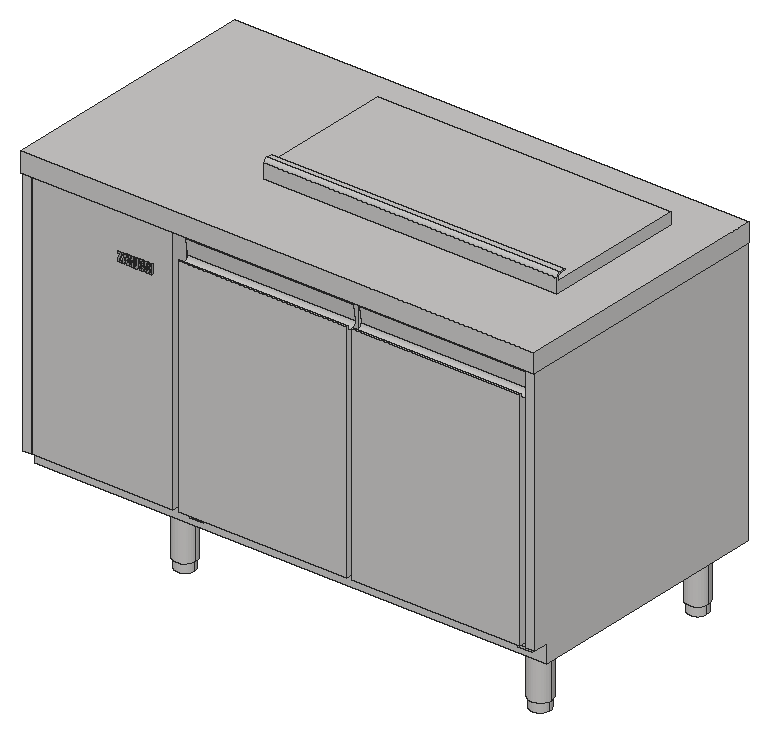
Revit family "QF_ZANUSSI_111035_ZH2SBAA", category Specialty Equipment, Revit 2018 (continued)
Definition of nested family "ZAN_Cooling Unit"
  Lines and regions (mm)
    Split face 130
      outline origin (110.032, 2, -113.091) x (0, 0, 1) y (-1, 0, 0)
        loop
          line (502.647, 158.547) -> (502.647, 116.535)
          arc (502.647, 116.535) -> (506.648, 112.533) -> (510.649, 116.535) r 4.001
          line (510.649, 116.535) -> (510.649, 158.547)
    Split face 131
      outline origin (110.032, 2, -125.094) x (0, 0, 1) y (-1, 0, 0)
        loop
          arc (510.649, 158.547) -> (506.648, 162.548) -> (502.647, 158.547) r 4.001
          line (502.647, 158.547) -> (502.647, 116.535)
          arc (502.647, 116.535) -> (506.648, 112.533) -> (510.649, 116.535) r 4.001
          line (510.649, 116.535) -> (510.649, 158.547)
    Split face 132
      outline origin (110.032, 2, -137.098) x (0, 0, 1) y (-1, 0, 0)
        loop
          arc (510.649, 158.547) -> (506.648, 162.548) -> (502.647, 158.547) r 4.001
          line (502.647, 158.547) -> (502.647, 116.535)
          arc (502.647, 116.535) -> (506.648, 112.533) -> (510.649, 116.535) r 4.001
          line (510.649, 116.535) -> (510.649, 158.547)
    Split face 133
      outline origin (110.032, 2, -149.101) x (0, 0, 1) y (-1, 0, 0)
        loop
          arc (510.649, 158.547) -> (506.648, 162.548) -> (502.647, 158.547) r 4.001
          line (502.647, 158.547) -> (502.647, 116.535)
          arc (502.647, 116.535) -> (506.648, 112.533) -> (510.649, 116.535) r 4.001
          line (510.649, 116.535) -> (510.649, 158.547)
    Split face 134
      outline origin (110.032, 2, -161.105) x (0, 0, 1) y (-1, 0, 0)
        loop
          arc (510.649, 158.547) -> (506.648, 162.548) -> (502.647, 158.547) r 4.001
          line (502.647, 158.547) -> (502.647, 116.535)
          arc (502.647, 116.535) -> (506.648, 112.533) -> (510.649, 116.535) r 4.001
          line (510.649, 116.535) -> (510.649, 158.547)
    Split face 135
      outline origin (110.032, 2, -173.108) x (0, 0, 1) y (-1, 0, 0)
        loop
          arc (510.649, 158.547) -> (506.648, 162.548) -> (502.647, 158.547) r 4.001
          line (502.647, 158.547) -> (502.647, 116.535)
          arc (502.647, 116.535) -> (506.648, 112.533) -> (510.649, 116.535) r 4.001
          line (510.649, 116.535) -> (510.649, 158.547)
    Split face 136
      outline origin (110.032, 2, -185.112) x (0, 0, 1) y (-1, 0, 0)
        loop
          arc (510.649, 158.547) -> (506.648, 162.548) -> (502.647, 158.547) r 4.001
          line (502.647, 158.547) -> (502.647, 116.535)
          arc (502.647, 116.535) -> (506.648, 112.533) -> (510.649, 116.535) r 4.001
          line (510.649, 116.535) -> (510.649, 158.547)
    Split face 137
      outline origin (110.032, 2, -197.115) x (0, 0, 1) y (-1, 0, 0)
        loop
          arc (510.649, 158.547) -> (506.648, 162.548) -> (502.647, 158.547) r 4.001
          line (502.647, 158.547) -> (502.647, 116.535)
          arc (502.647, 116.535) -> (506.648, 112.533) -> (510.649, 116.535) r 4.001
          line (510.649, 116.535) -> (510.649, 158.547)
    Split face 138
      outline origin (110.032, 2, -209.119) x (0, 0, 1) y (-1, 0, 0)
        loop
          arc (510.649, 158.547) -> (506.648, 162.548) -> (502.647, 158.547) r 4.001
          line (502.647, 158.547) -> (502.647, 116.535)
          arc (502.647, 116.535) -> (506.648, 112.533) -> (510.649, 116.535) r 4.001
          line (510.649, 116.535) -> (510.649, 158.547)
    Split face 139
      outline origin (110.032, 2, -221.122) x (0, 0, 1) y (-1, 0, 0)
        loop
          arc (510.649, 158.547) -> (506.648, 162.548) -> (502.647, 158.547) r 4.001
          line (502.647, 158.547) -> (502.647, 116.535)
          arc (502.647, 116.535) -> (506.648, 112.533) -> (510.649, 116.535) r 4.001
          line (510.649, 116.535) -> (510.649, 158.547)
    Split face 140
      outline origin (110.032, 2, -233.126) x (0, 0, 1) y (-1, 0, 0)
        loop
          arc (510.649, 158.547) -> (506.648, 162.548) -> (502.647, 158.547) r 4.001
          line (502.647, 158.547) -> (502.647, 116.535)
          arc (502.647, 116.535) -> (506.648, 112.533) -> (510.649, 116.535) r 4.001
          line (510.649, 116.535) -> (510.649, 158.547)
    Split face 141
      outline origin (110.032, 2, -245.129) x (0, 0, 1) y (-1, 0, 0)
        loop
          arc (510.649, 158.547) -> (506.648, 162.548) -> (502.647, 158.547) r 4.001
          line (502.647, 158.547) -> (502.647, 116.535)
          arc (502.647, 116.535) -> (506.648, 112.533) -> (510.649, 116.535) r 4.001
          line (510.649, 116.535) -> (510.649, 158.547)
    Split face 142
      outline origin (110.032, 2, -257.133) x (0, 0, 1) y (-1, 0, 0)
        loop
          arc (510.649, 158.547) -> (506.648, 162.548) -> (502.647, 158.547) r 4.001
          line (502.647, 158.547) -> (502.647, 116.535)
          arc (502.647, 116.535) -> (506.648, 112.533) -> (510.649, 116.535) r 4.001
          line (510.649, 116.535) -> (510.649, 158.547)
    Split face 143
      outline origin (110.032, 2, -269.136) x (0, 0, 1) y (-1, 0, 0)
        loop
          arc (510.649, 158.547) -> (506.648, 162.548) -> (502.647, 158.547) r 4.001
          line (502.647, 158.547) -> (502.647, 116.535)
          arc (502.647, 116.535) -> (506.648, 112.533) -> (510.649, 116.535) r 4.001
          line (510.649, 116.535) -> (510.649, 158.547)
    Split face 144
      outline origin (110.032, 2, -281.14) x (0, 0, 1) y (-1, 0, 0)
        loop
          arc (510.649, 158.547) -> (506.648, 162.548) -> (502.647, 158.547) r 4.001
          line (502.647, 158.547) -> (502.647, 116.535)
          arc (502.647, 116.535) -> (506.648, 112.533) -> (510.649, 116.535) r 4.001
          line (510.649, 116.535) -> (510.649, 158.547)
    Split face 145
      outline origin (110.032, 2, -293.144) x (0, 0, 1) y (-1, 0, 0)
        loop
          arc (510.649, 158.547) -> (506.648, 162.548) -> (502.647, 158.547) r 4.001
          line (502.647, 158.547) -> (502.647, 116.535)
          arc (502.647, 116.535) -> (506.648, 112.533) -> (510.649, 116.535) r 4.001
          line (510.649, 116.535) -> (510.649, 158.547)
    Split face 146
      outline origin (165.048, 2, -113.091) x (0, 0, 1) y (-1, 0, 0)
        loop
          arc (510.649, 158.547) -> (506.648, 162.548) -> (502.647, 158.547) r 4.001
          line (502.647, 158.547) -> (502.647, 116.535)
          arc (502.647, 116.535) -> (506.648, 112.533) -> (510.649, 116.535) r 4.001
          line (510.649, 116.535) -> (510.649, 158.547)
    Split face 147
      outline origin (165.048, 2, -125.094) x (0, 0, 1) y (-1, 0, 0)
        loop
          arc (510.649, 158.547) -> (506.648, 162.548) -> (502.647, 158.547) r 4.001
          line (502.647, 158.547) -> (502.647, 116.535)
          arc (502.647, 116.535) -> (506.648, 112.533) -> (510.649, 116.535) r 4.001
          line (510.649, 116.535) -> (510.649, 158.547)
    Split face 148
      outline origin (165.048, 2, -137.098) x (0, 0, 1) y (-1, 0, 0)
        loop
          arc (510.649, 158.547) -> (506.648, 162.548) -> (502.647, 158.547) r 4.001
          line (502.647, 158.547) -> (502.647, 116.535)
          arc (502.647, 116.535) -> (506.648, 112.533) -> (510.649, 116.535) r 4.001
          line (510.649, 116.535) -> (510.649, 158.547)
    Split face 149
      outline origin (165.048, 2, -149.101) x (0, 0, 1) y (-1, 0, 0)
        loop
          arc (510.649, 158.547) -> (506.648, 162.548) -> (502.647, 158.547) r 4.001
          line (502.647, 158.547) -> (502.647, 116.535)
          arc (502.647, 116.535) -> (506.648, 112.533) -> (510.649, 116.535) r 4.001
          line (510.649, 116.535) -> (510.649, 158.547)
    Split face 150
      outline origin (165.048, 2, -161.105) x (0, 0, 1) y (-1, 0, 0)
        loop
          arc (510.649, 158.547) -> (506.648, 162.548) -> (502.647, 158.547) r 4.001
          line (502.647, 158.547) -> (502.647, 116.535)
          arc (502.647, 116.535) -> (506.648, 112.533) -> (510.649, 116.535) r 4.001
          line (510.649, 116.535) -> (510.649, 158.547)
    Split face 151
      outline origin (165.048, 2, -173.108) x (0, 0, 1) y (-1, 0, 0)
        loop
          arc (510.649, 158.547) -> (506.648, 162.548) -> (502.647, 158.547) r 4.001
          line (502.647, 158.547) -> (502.647, 116.535)
          arc (502.647, 116.535) -> (506.648, 112.533) -> (510.649, 116.535) r 4.001
          line (510.649, 116.535) -> (510.649, 158.547)
    Split face 152
      outline origin (165.048, 2, -185.112) x (0, 0, 1) y (-1, 0, 0)
        loop
          arc (510.649, 158.547) -> (506.648, 162.548) -> (502.647, 158.547) r 4.001
          line (502.647, 158.547) -> (502.647, 116.535)
          arc (502.647, 116.535) -> (506.648, 112.533) -> (510.649, 116.535) r 4.001
          line (510.649, 116.535) -> (510.649, 158.547)
    Split face 153
      outline origin (165.048, 2, -197.115) x (0, 0, 1) y (-1, 0, 0)
        loop
          arc (510.649, 158.547) -> (506.648, 162.548) -> (502.647, 158.547) r 4.001
          line (502.647, 158.547) -> (502.647, 116.535)
          arc (502.647, 116.535) -> (506.648, 112.533) -> (510.649, 116.535) r 4.001
          line (510.649, 116.535) -> (510.649, 158.547)
    Split face 154
      outline origin (165.048, 2, -209.119) x (0, 0, 1) y (-1, 0, 0)
        loop
          arc (510.649, 158.547) -> (506.648, 162.548) -> (502.647, 158.547) r 4.001
          line (502.647, 158.547) -> (502.647, 116.535)
          arc (502.647, 116.535) -> (506.648, 112.533) -> (510.649, 116.535) r 4.001
          line (510.649, 116.535) -> (510.649, 158.547)
    Split face 155
      outline origin (165.048, 2, -221.122) x (0, 0, 1) y (-1, 0, 0)
        loop
          arc (510.649, 158.547) -> (506.648, 162.548) -> (502.647, 158.547) r 4.001
          line (502.647, 158.547) -> (502.647, 116.535)
          arc (502.647, 116.535) -> (506.648, 112.533) -> (510.649, 116.535) r 4.001
          line (510.649, 116.535) -> (510.649, 158.547)
    Split face 156
      outline origin (165.048, 2, -233.126) x (0, 0, 1) y (-1, 0, 0)
        loop
          arc (510.649, 158.547) -> (506.648, 162.548) -> (502.647, 158.547) r 4.001
          line (502.647, 158.547) -> (502.647, 116.535)
          arc (502.647, 116.535) -> (506.648, 112.533) -> (510.649, 116.535) r 4.001
          line (510.649, 116.535) -> (510.649, 158.547)
    Split face 157
      outline origin (165.048, 2, -245.129) x (0, 0, 1) y (-1, 0, 0)
        loop
          arc (510.649, 158.547) -> (506.648, 162.548) -> (502.647, 158.547) r 4.001
          line (502.647, 158.547) -> (502.647, 116.535)
          arc (502.647, 116.535) -> (506.648, 112.533) -> (510.649, 116.535) r 4.001
          line (510.649, 116.535) -> (510.649, 158.547)
    Split face 158
      outline origin (165.048, 2, -257.133) x (0, 0, 1) y (-1, 0, 0)
        loop
          arc (510.649, 158.547) -> (506.648, 162.548) -> (502.647, 158.547) r 4.001
          line (502.647, 158.547) -> (502.647, 116.535)
          arc (502.647, 116.535) -> (506.648, 112.533) -> (510.649, 116.535) r 4.001
          line (510.649, 116.535) -> (510.649, 158.547)
    Split face 159
      outline origin (165.048, 2, -269.136) x (0, 0, 1) y (-1, 0, 0)
        loop
          arc (510.649, 158.547) -> (506.648, 162.548) -> (502.647, 158.547) r 4.001
          line (502.647, 158.547) -> (502.647, 116.535)
          arc (502.647, 116.535) -> (506.648, 112.533) -> (510.649, 116.535) r 4.001
          line (510.649, 116.535) -> (510.649, 158.547)
    Split face 160
      outline origin (165.048, 2, -281.14) x (0, 0, 1) y (-1, 0, 0)
        loop
          arc (510.649, 158.547) -> (506.648, 162.548) -> (502.647, 158.547) r 4.001
          line (502.647, 158.547) -> (502.647, 116.535)
          arc (502.647, 116.535) -> (506.648, 112.533) -> (510.649, 116.535) r 4.001
          line (510.649, 116.535) -> (510.649, 158.547)
    Split face 161
      outline origin (165.048, 2, -293.144) x (0, 0, 1) y (-1, 0, 0)
        loop
          arc (510.649, 158.547) -> (506.648, 162.548) -> (502.647, 158.547) r 4.001
          line (502.647, 158.547) -> (502.647, 116.535)
          arc (502.647, 116.535) -> (506.648, 112.533) -> (510.649, 116.535) r 4.001
          line (510.649, 116.535) -> (510.649, 158.547)
    Split face 162
      outline origin (220.064, 2, -113.091) x (0, 0, 1) y (-1, 0, 0)
        loop
          arc (510.649, 158.547) -> (506.648, 162.548) -> (502.647, 158.547) r 4.001
          line (502.647, 158.547) -> (502.647, 116.535)
          arc (502.647, 116.535) -> (506.648, 112.533) -> (510.649, 116.535) r 4.001
          line (510.649, 116.535) -> (510.649, 158.547)
    Split face 163
      outline origin (220.064, 2, -125.094) x (0, 0, 1) y (-1, 0, 0)
        loop
          arc (510.649, 158.547) -> (506.648, 162.548) -> (502.647, 158.547) r 4.001
          line (502.647, 158.547) -> (502.647, 116.535)
          arc (502.647, 116.535) -> (506.648, 112.533) -> (510.649, 116.535) r 4.001
          line (510.649, 116.535) -> (510.649, 158.547)
    Split face 164
      outline origin (220.064, 2, -137.098) x (0, 0, 1) y (-1, 0, 0)
        loop
          arc (510.649, 158.547) -> (506.648, 162.548) -> (502.647, 158.547) r 4.001
          line (502.647, 158.547) -> (502.647, 116.535)
          arc (502.647, 116.535) -> (506.648, 112.533) -> (510.649, 116.535) r 4.001
          line (510.649, 116.535) -> (510.649, 158.547)
    Split face 165
      outline origin (220.064, 2, -149.101) x (0, 0, 1) y (-1, 0, 0)
        loop
          arc (510.649, 158.547) -> (506.648, 162.548) -> (502.647, 158.547) r 4.001
          line (502.647, 158.547) -> (502.647, 116.535)
          arc (502.647, 116.535) -> (506.648, 112.533) -> (510.649, 116.535) r 4.001
          line (510.649, 116.535) -> (510.649, 158.547)
    Split face 166
      outline origin (220.064, 2, -161.105) x (0, 0, 1) y (-1, 0, 0)
        loop
          arc (510.649, 158.547) -> (506.648, 162.548) -> (502.647, 158.547) r 4.001
          line (502.647, 158.547) -> (502.647, 116.535)
          arc (502.647, 116.535) -> (506.648, 112.533) -> (510.649, 116.535) r 4.001
          line (510.649, 116.535) -> (510.649, 158.547)
    Split face 167
      outline origin (220.064, 2, -173.108) x (0, 0, 1) y (-1, 0, 0)
        loop
          arc (510.649, 158.547) -> (506.648, 162.548) -> (502.647, 158.547) r 4.001
          line (502.647, 158.547) -> (502.647, 116.535)
          arc (502.647, 116.535) -> (506.648, 112.533) -> (510.649, 116.535) r 4.001
          line (510.649, 116.535) -> (510.649, 158.547)
    Split face 168
      outline origin (220.064, 2, -185.112) x (0, 0, 1) y (-1, 0, 0)
        loop
          arc (510.649, 158.547) -> (506.648, 162.548) -> (502.647, 158.547) r 4.001
          line (502.647, 158.547) -> (502.647, 116.535)
          arc (502.647, 116.535) -> (506.648, 112.533) -> (510.649, 116.535) r 4.001
          line (510.649, 116.535) -> (510.649, 158.547)
    Split face 169
      outline origin (220.064, 2, -197.115) x (0, 0, 1) y (-1, 0, 0)
        loop
          arc (510.649, 158.547) -> (506.648, 162.548) -> (502.647, 158.547) r 4.001
          line (502.647, 158.547) -> (502.647, 116.535)
          arc (502.647, 116.535) -> (506.648, 112.533) -> (510.649, 116.535) r 4.001
          line (510.649, 116.535) -> (510.649, 158.547)
    Split face 170
      outline origin (220.064, 2, -209.119) x (0, 0, 1) y (-1, 0, 0)
        loop
          arc (510.649, 158.547) -> (506.648, 162.548) -> (502.647, 158.547) r 4.001
          line (502.647, 158.547) -> (502.647, 116.535)
          arc (502.647, 116.535) -> (506.648, 112.533) -> (510.649, 116.535) r 4.001
          line (510.649, 116.535) -> (510.649, 158.547)
    Split face 171
      outline origin (220.064, 2, -221.122) x (0, 0, 1) y (-1, 0, 0)
        loop
          arc (510.649, 158.547) -> (506.648, 162.548) -> (502.647, 158.547) r 4.001
          line (502.647, 158.547) -> (502.647, 116.535)
          arc (502.647, 116.535) -> (506.648, 112.533) -> (510.649, 116.535) r 4.001
          line (510.649, 116.535) -> (510.649, 158.547)
    Split face 172
      outline origin (220.064, 2, -233.126) x (0, 0, 1) y (-1, 0, 0)
        loop
          arc (510.649, 158.547) -> (506.648, 162.548) -> (502.647, 158.547) r 4.001
          line (502.647, 158.547) -> (502.647, 116.535)
          arc (502.647, 116.535) -> (506.648, 112.533) -> (510.649, 116.535) r 4.001
          line (510.649, 116.535) -> (510.649, 158.547)
    Split face 173
      outline origin (220.064, 2, -245.129) x (0, 0, 1) y (-1, 0, 0)
        loop
          arc (510.649, 158.547) -> (506.648, 162.548) -> (502.647, 158.547) r 4.001
          line (502.647, 158.547) -> (502.647, 116.535)
          arc (502.647, 116.535) -> (506.648, 112.533) -> (510.649, 116.535) r 4.001
          line (510.649, 116.535) -> (510.649, 158.547)
    Split face 174
      outline origin (220.064, 2, -257.133) x (0, 0, 1) y (-1, 0, 0)
        loop
          arc (510.649, 158.547) -> (506.648, 162.548) -> (502.647, 158.547) r 4.001
          line (502.647, 158.547) -> (502.647, 116.535)
          arc (502.647, 116.535) -> (506.648, 112.533) -> (510.649, 116.535) r 4.001
          line (510.649, 116.535) -> (510.649, 158.547)
    Split face 175
      outline origin (220.064, 2, -269.136) x (0, 0, 1) y (-1, 0, 0)
        loop
          arc (510.649, 158.547) -> (506.648, 162.548) -> (502.647, 158.547) r 4.001
          line (502.647, 158.547) -> (502.647, 116.535)
          arc (502.647, 116.535) -> (506.648, 112.533) -> (510.649, 116.535) r 4.001
          line (510.649, 116.535) -> (510.649, 158.547)
    Split face 176
      outline origin (220.064, 2, -281.14) x (0, 0, 1) y (-1, 0, 0)
        loop
          arc (510.649, 158.547) -> (506.648, 162.548) -> (502.647, 158.547) r 4.001
          line (502.647, 158.547) -> (502.647, 116.535)
          arc (502.647, 116.535) -> (506.648, 112.533) -> (510.649, 116.535) r 4.001
          line (510.649, 116.535) -> (510.649, 158.547)
    Split face 177
      outline origin (220.064, 2, -293.144) x (0, 0, 1) y (-1, 0, 0)
        loop
          arc (510.649, 158.547) -> (506.648, 162.548) -> (502.647, 158.547) r 4.001
          line (502.647, 158.547) -> (502.647, 116.535)
          arc (502.647, 116.535) -> (506.648, 112.533) -> (510.649, 116.535) r 4.001
          line (510.649, 116.535) -> (510.649, 158.547)
    Split face 178
      outline origin (275.081, 2, -113.091) x (0, 0, 1) y (-1, 0, 0)
        loop
          arc (510.649, 158.547) -> (506.648, 162.548) -> (502.647, 158.547) r 4.001
          line (502.647, 158.547) -> (502.647, 116.535)
          arc (502.647, 116.535) -> (506.648, 112.533) -> (510.649, 116.535) r 4.001
          line (510.649, 116.535) -> (510.649, 158.547)
    Split face 179
      outline origin (275.081, 2, -125.094) x (0, 0, 1) y (-1, 0, 0)
        loop
          arc (510.649, 158.547) -> (506.648, 162.548) -> (502.647, 158.547) r 4.001
          line (502.647, 158.547) -> (502.647, 116.535)
          arc (502.647, 116.535) -> (506.648, 112.533) -> (510.649, 116.535) r 4.001
          line (510.649, 116.535) -> (510.649, 158.547)
    Split face 180
      outline origin (275.081, 2, -137.098) x (0, 0, 1) y (-1, 0, 0)
        loop
          arc (510.649, 158.547) -> (506.648, 162.548) -> (502.647, 158.547) r 4.001
          line (502.647, 158.547) -> (502.647, 116.535)
          arc (502.647, 116.535) -> (506.648, 112.533) -> (510.649, 116.535) r 4.001
          line (510.649, 116.535) -> (510.649, 158.547)
    Split face 181
      outline origin (275.081, 2, -149.101) x (0, 0, 1) y (-1, 0, 0)
        loop
          arc (510.649, 158.547) -> (506.648, 162.548) -> (502.647, 158.547) r 4.001
          line (502.647, 158.547) -> (502.647, 116.535)
          arc (502.647, 116.535) -> (506.648, 112.533) -> (510.649, 116.535) r 4.001
          line (510.649, 116.535) -> (510.649, 158.547)
    Split face 182
      outline origin (275.081, 2, -161.105) x (0, 0, 1) y (-1, 0, 0)
        loop
          arc (510.649, 158.547) -> (506.648, 162.548) -> (502.647, 158.547) r 4.001
          line (502.647, 158.547) -> (502.647, 116.535)
          arc (502.647, 116.535) -> (506.648, 112.533) -> (510.649, 116.535) r 4.001
          line (510.649, 116.535) -> (510.649, 158.547)
    Split face 183
      outline origin (275.081, 2, -173.108) x (0, 0, 1) y (-1, 0, 0)
        loop
          arc (510.649, 158.547) -> (506.648, 162.548) -> (502.647, 158.547) r 4.001
          line (502.647, 158.547) -> (502.647, 116.535)
          arc (502.647, 116.535) -> (506.648, 112.533) -> (510.649, 116.535) r 4.001
          line (510.649, 116.535) -> (510.649, 158.547)
    Split face 184
      outline origin (275.081, 2, -185.112) x (0, 0, 1) y (-1, 0, 0)
        loop
          arc (510.649, 158.547) -> (506.648, 162.548) -> (502.647, 158.547) r 4.001
          line (502.647, 158.547) -> (502.647, 116.535)
          arc (502.647, 116.535) -> (506.648, 112.533) -> (510.649, 116.535) r 4.001
          line (510.649, 116.535) -> (510.649, 158.547)
    Split face 185
      outline origin (275.081, 2, -197.115) x (0, 0, 1) y (-1, 0, 0)
        loop
          arc (510.649, 158.547) -> (506.648, 162.548) -> (502.647, 158.547) r 4.001
          line (502.647, 158.547) -> (502.647, 116.535)
          arc (502.647, 116.535) -> (506.648, 112.533) -> (510.649, 116.535) r 4.001
          line (510.649, 116.535) -> (510.649, 158.547)
    Split face 186
      outline origin (275.081, 2, -209.119) x (0, 0, 1) y (-1, 0, 0)
        loop
          arc (510.649, 158.547) -> (506.648, 162.548) -> (502.647, 158.547) r 4.001
          line (502.647, 158.547) -> (502.647, 116.535)
          arc (502.647, 116.535) -> (506.648, 112.533) -> (510.649, 116.535) r 4.001
          line (510.649, 116.535) -> (510.649, 158.547)
    Split face 187
      outline origin (275.081, 2, -221.122) x (0, 0, 1) y (-1, 0, 0)
        loop
          arc (510.649, 158.547) -> (506.648, 162.548) -> (502.647, 158.547) r 4.001
          line (502.647, 158.547) -> (502.647, 116.535)
          arc (502.647, 116.535) -> (506.648, 112.533) -> (510.649, 116.535) r 4.001
          line (510.649, 116.535) -> (510.649, 158.547)
    Split face 188
      outline origin (275.081, 2, -233.126) x (0, 0, 1) y (-1, 0, 0)
        loop
          arc (510.649, 158.547) -> (506.648, 162.548) -> (502.647, 158.547) r 4.001
          line (502.647, 158.547) -> (502.647, 116.535)
          arc (502.647, 116.535) -> (506.648, 112.533) -> (510.649, 116.535) r 4.001
          line (510.649, 116.535) -> (510.649, 158.547)
    Split face 189
      outline origin (275.081, 2, -245.129) x (0, 0, 1) y (-1, 0, 0)
        loop
          arc (510.649, 158.547) -> (506.648, 162.548) -> (502.647, 158.547) r 4.001
          line (502.647, 158.547) -> (502.647, 116.535)
          arc (502.647, 116.535) -> (506.648, 112.533) -> (510.649, 116.535) r 4.001
          line (510.649, 116.535) -> (510.649, 158.547)
    Split face 190
      outline origin (275.081, 2, -257.133) x (0, 0, 1) y (-1, 0, 0)
        loop
          arc (510.649, 158.547) -> (506.648, 162.548) -> (502.647, 158.547) r 4.001
          line (502.647, 158.547) -> (502.647, 116.535)
          arc (502.647, 116.535) -> (506.648, 112.533) -> (510.649, 116.535) r 4.001
          line (510.649, 116.535) -> (510.649, 158.547)
    Split face 191
      outline origin (275.081, 2, -269.136) x (0, 0, 1) y (-1, 0, 0)
        loop
          arc (510.649, 158.547) -> (506.648, 162.548) -> (502.647, 158.547) r 4.001
          line (502.647, 158.547) -> (502.647, 116.535)
          arc (502.647, 116.535) -> (506.648, 112.533) -> (510.649, 116.535) r 4.001
          line (510.649, 116.535) -> (510.649, 158.547)
    Split face 192
      outline origin (275.081, 2, -281.14) x (0, 0, 1) y (-1, 0, 0)
        loop
          arc (510.649, 158.547) -> (506.648, 162.548) -> (502.647, 158.547) r 4.001
          line (502.647, 158.547) -> (502.647, 116.535)
          arc (502.647, 116.535) -> (506.648, 112.533) -> (510.649, 116.535) r 4.001
          line (510.649, 116.535) -> (510.649, 158.547)
    Split face 193
      outline origin (275.081, 2, -293.144) x (0, 0, 1) y (-1, 0, 0)
        loop
          arc (510.649, 158.547) -> (506.648, 162.548) -> (502.647, 158.547) r 4.001
          line (502.647, 158.547) -> (502.647, 116.535)
          arc (502.647, 116.535) -> (506.648, 112.533) -> (510.649, 116.535) r 4.001
          line (510.649, 116.535) -> (510.649, 158.547)
    Split face 194
      outline origin (0, 2, 197) x (0, 0, 1) y (-1, 0, 0)
        loop
          spline (566.835, 20.381) -> (564.628, 19.058) -> (561.987, 18.027) -> (558.955, 17.386) -> (555.581, 17.244) -> (551.912, 17.703) -> (547.993, 18.863) -> (543.871, 20.83) -> (539.591, 23.706) -> (535.202, 27.594) -> (530.748, 32.597) -> (526.28, 38.824) -> (521.835, 46.362)
        loop
          spline (521.835, 58.392) -> (525.386, 49.242) -> (529.197, 41.481) -> (533.2, 35.023) -> (537.329, 29.786) -> (541.516, 25.684) -> (545.695, 22.634) -> (549.798, 20.552) -> (553.759, 19.355) -> (557.511, 18.958) -> (560.984, 19.275) -> (564.115, 20.227) -> (566.835, 21.726)
    Split face 195
      outline origin (0, 2, 197) x (0, 0, 1) y (-1, 0, 0)
        loop
          line (555.835, 149.5) -> (532.835, 149.5) -> (532.835, 94.5) -> (555.835, 94.5) -> (555.835, 149.5)
  Dimensions and locks
    aligned and locked: level to plane 2
  Nested families
    nested 1: "ZAN_Logo_S_Grey" at (85, 2, 741.213) x (1, 0, 0) z (0, -1, 0), visible <- "Show Logo", type "ZAN_Logo_S_Grey"
  Definition of nested family "ZAN_Logo_S_Grey"
    Parameters
      Default Elevation = 0 mm
    Reference planes
      plane 1 "Centro (Fronte/Retro)": y = 0
      plane 2: z = 0
      plane 3 "Centro (Sinistra/Destra)": x = 0
    Forms (mm)
      Extrusion 1, solid
        sketch origin (0, 0, 0) x (1, 0, 0) y (0, 1, 0)
          loop
            line (-1219.2, 1219.2) -> (-1219.2, -1219.2) -> (1219.2, -1219.2) -> (1219.2, 1219.2) -> (-1219.2, 1219.2)
        from 0 to -304.8
      Extrusion 2, solid
        sketch origin (17.793, -46.218, 0) x (-1, 0, 0) y (0, -1, 0)
          loop
            spline (-4.176, -58.079) -> (-3.496, -58.328) -> (-2.793, -58.512) -> (-2.075, -58.63) -> (-1.348, -58.682) -> (-0.619, -58.669) -> (0.106, -58.588) -> (0.818, -58.44) -> (1.512, -58.225) -> (2.18, -57.941) -> (2.817, -57.589) -> (3.414, -57.167) -> (3.966, -56.676)
            spline (3.966, -56.676) -> (4.293, -56.162) -> (4.575, -55.61) -> (4.81, -55.026) -> (5, -54.419) -> (5.146, -53.797) -> (5.247, -53.166) -> (5.304, -52.536) -> (5.318, -51.913) -> (5.288, -51.306) -> (5.217, -50.723) -> (5.103, -50.17) -> (4.949, -49.657)
            line (4.949, -49.657) -> (2.702, -46.428) -> (0.316, -44.323)
            spline (0.316, -44.323) -> (0.065, -44.115) -> (-0.195, -43.909) -> (-0.46, -43.704) -> (-0.729, -43.496) -> (-0.997, -43.282) -> (-1.263, -43.059) -> (-1.523, -42.825) -> (-1.774, -42.576) -> (-2.013, -42.309) -> (-2.238, -42.022) -> (-2.445, -41.712) -> (-2.632, -41.375)
            spline (-2.632, -41.375) -> (-2.666, -41.159) -> (-2.697, -40.934) -> (-2.722, -40.701) -> (-2.736, -40.465) -> (-2.736, -40.227) -> (-2.72, -39.989) -> (-2.682, -39.754) -> (-2.621, -39.524) -> (-2.533, -39.302) -> (-2.414, -39.091) -> (-2.261, -38.892) -> (-2.07, -38.708)
            line (-2.07, -38.708) -> (-0.245, -38.567)
            spline (-0.245, -38.567) -> (0.096, -38.8) -> (0.354, -39.074) -> (0.54, -39.381) -> (0.664, -39.716) -> (0.738, -40.073) -> (0.772, -40.445) -> (0.777, -40.825) -> (0.763, -41.208) -> (0.742, -41.588) -> (0.723, -41.957) -> (0.718, -42.309) -> (0.737, -42.638)
            line (0.737, -42.638) -> (5.65, -42.638)
            spline (5.65, -42.638) -> (5.708, -42.042) -> (5.741, -41.448) -> (5.747, -40.857) -> (5.723, -40.273) -> (5.668, -39.696) -> (5.58, -39.129) -> (5.457, -38.574) -> (5.297, -38.032) -> (5.098, -37.506) -> (4.857, -36.997) -> (4.574, -36.508) -> (4.247, -36.041)
            spline (4.247, -36.041) -> (3.844, -35.675) -> (3.409, -35.35) -> (2.946, -35.065) -> (2.458, -34.819) -> (1.949, -34.612) -> (1.421, -34.444) -> (0.88, -34.314) -> (0.326, -34.221) -> (-0.234, -34.165) -> (-0.8, -34.146) -> (-1.366, -34.163) -> (-1.93, -34.216)
            spline (-1.93, -34.216) -> (-2.526, -34.309) -> (-3.116, -34.448) -> (-3.695, -34.633) -> (-4.259, -34.861) -> (-4.801, -35.131) -> (-5.316, -35.444) -> (-5.799, -35.798) -> (-6.245, -36.191) -> (-6.648, -36.624) -> (-7.002, -37.095) -> (-7.303, -37.603) -> (-7.545, -38.146)
            spline (-7.545, -38.146) -> (-7.694, -38.815) -> (-7.792, -39.487) -> (-7.839, -40.158) -> (-7.836, -40.824) -> (-7.785, -41.482) -> (-7.685, -42.129) -> (-7.539, -42.762) -> (-7.347, -43.377) -> (-7.111, -43.97) -> (-6.83, -44.538) -> (-6.506, -45.078) -> (-6.141, -45.586)
            line (-6.141, -45.586) -> (-0.526, -50.64) -> (0.176, -51.482)
            spline (0.176, -51.482) -> (0.248, -51.66) -> (0.323, -51.843) -> (0.397, -52.03) -> (0.467, -52.22) -> (0.529, -52.412) -> (0.579, -52.605) -> (0.615, -52.798) -> (0.633, -52.989) -> (0.63, -53.179) -> (0.601, -53.366) -> (0.545, -53.55) -> (0.456, -53.728)
            spline (0.456, -53.728) -> (0.375, -53.892) -> (0.273, -54.034) -> (0.154, -54.155) -> (0.02, -54.258) -> (-0.126, -54.343) -> (-0.28, -54.412) -> (-0.441, -54.466) -> (-0.604, -54.508) -> (-0.767, -54.537) -> (-0.928, -54.556) -> (-1.082, -54.567) -> (-1.228, -54.57)
            line (-1.228, -54.57) -> (-2.632, -53.587) -> (-2.772, -50.64) -> (-7.405, -50.64)
            spline (-7.405, -50.64) -> (-7.41, -51.031) -> (-7.423, -51.432) -> (-7.44, -51.839) -> (-7.456, -52.251) -> (-7.469, -52.665) -> (-7.475, -53.079) -> (-7.468, -53.489) -> (-7.446, -53.894) -> (-7.404, -54.291) -> (-7.339, -54.679) -> (-7.247, -55.053) -> (-7.123, -55.412)
            spline (-7.123, -55.412) -> (-6.999, -55.693) -> (-6.837, -55.97) -> (-6.643, -56.244) -> (-6.422, -56.509) -> (-6.177, -56.765) -> (-5.913, -57.009) -> (-5.634, -57.238) -> (-5.346, -57.45) -> (-5.051, -57.643) -> (-4.755, -57.814) -> (-4.462, -57.96) -> (-4.176, -58.079)
          loop
            spline (-21.021, -55.552) -> (-20.633, -56.181) -> (-20.177, -56.736) -> (-19.661, -57.217) -> (-19.092, -57.627) -> (-18.478, -57.966) -> (-17.827, -58.237) -> (-17.147, -58.441) -> (-16.446, -58.578) -> (-15.73, -58.652) -> (-15.009, -58.662) -> (-14.29, -58.611) -> (-13.581, -58.5)
            spline (-13.581, -58.5) -> (-13.088, -58.407) -> (-12.595, -58.269) -> (-12.109, -58.088) -> (-11.636, -57.866) -> (-11.183, -57.605) -> (-10.756, -57.307) -> (-10.361, -56.974) -> (-10.004, -56.608) -> (-9.692, -56.211) -> (-9.431, -55.784) -> (-9.228, -55.33) -> (-9.089, -54.851)
            spline (-9.089, -54.851) -> (-8.873, -54.211) -> (-8.715, -53.559) -> (-8.615, -52.901) -> (-8.574, -52.241) -> (-8.592, -51.585) -> (-8.668, -50.938) -> (-8.802, -50.306) -> (-8.995, -49.693) -> (-9.247, -49.106) -> (-9.557, -48.55) -> (-9.925, -48.03) -> (-10.352, -47.551)
            line (-10.352, -47.551) -> (-15.546, -42.919) -> (-16.669, -41.234)
            spline (-16.669, -41.234) -> (-16.704, -41.021) -> (-16.735, -40.804) -> (-16.761, -40.583) -> (-16.778, -40.361) -> (-16.784, -40.139) -> (-16.774, -39.919) -> (-16.748, -39.701) -> (-16.7, -39.488) -> (-16.63, -39.28) -> (-16.533, -39.08) -> (-16.406, -38.889) -> (-16.248, -38.708)
            line (-16.248, -38.708) -> (-14.844, -38.427)
            spline (-14.844, -38.427) -> (-14.347, -38.545) -> (-13.969, -38.749) -> (-13.695, -39.028) -> (-13.508, -39.368) -> (-13.393, -39.757) -> (-13.335, -40.182) -> (-13.318, -40.63) -> (-13.326, -41.089) -> (-13.344, -41.546) -> (-13.356, -41.988) -> (-13.347, -42.403) -> (-13.3, -42.779)
            line (-13.3, -42.779) -> (-8.387, -42.638)
            spline (-8.387, -42.638) -> (-8.326, -42.034) -> (-8.288, -41.417) -> (-8.277, -40.794) -> (-8.299, -40.169) -> (-8.357, -39.548) -> (-8.457, -38.936) -> (-8.604, -38.339) -> (-8.803, -37.762) -> (-9.058, -37.21) -> (-9.375, -36.689) -> (-9.758, -36.204) -> (-10.212, -35.76)
            spline (-10.212, -35.76) -> (-10.793, -35.336) -> (-11.409, -34.976) -> (-12.054, -34.679) -> (-12.723, -34.445) -> (-13.409, -34.273) -> (-14.107, -34.163) -> (-14.811, -34.115) -> (-15.515, -34.127) -> (-16.213, -34.2) -> (-16.899, -34.333) -> (-17.568, -34.526) -> (-18.213, -34.777)
            spline (-18.213, -34.777) -> (-18.496, -34.897) -> (-18.783, -35.044) -> (-19.071, -35.216) -> (-19.357, -35.412) -> (-19.639, -35.629) -> (-19.915, -35.865) -> (-20.182, -36.119) -> (-20.438, -36.389) -> (-20.681, -36.672) -> (-20.907, -36.967) -> (-21.115, -37.272) -> (-21.301, -37.585)
            spline (-21.301, -37.585) -> (-21.55, -38.26) -> (-21.734, -38.948) -> (-21.854, -39.647) -> (-21.91, -40.351) -> (-21.901, -41.057) -> (-21.828, -41.761) -> (-21.69, -42.459) -> (-21.489, -43.148) -> (-21.222, -43.823) -> (-20.892, -44.48) -> (-20.497, -45.116) -> (-20.038, -45.726)
            line (-20.038, -45.726) -> (-14.142, -51.061) -> (-13.44, -52.886) -> (-14.002, -54.289) -> (-15.265, -54.57) -> (-16.669, -53.587) -> (-16.81, -50.78) -> (-21.582, -50.64)
            spline (-21.582, -50.64) -> (-21.558, -51.063) -> (-21.55, -51.491) -> (-21.554, -51.92) -> (-21.561, -52.35) -> (-21.567, -52.778) -> (-21.565, -53.201) -> (-21.547, -53.619) -> (-21.509, -54.029) -> (-21.444, -54.43) -> (-21.345, -54.818) -> (-21.206, -55.193) -> (-21.021, -55.552)
          loop
            line (-22.424, -34.216) -> (-27.337, -34.216) -> (-27.337, -58.22) -> (-22.424, -58.22) -> (-22.424, -34.216)
          loop
            line (14.213, -39.971) -> (14.213, -58.22) -> (19.126, -58.22) -> (19.126, -42.077) -> (18.845, -38.146) -> (18.424, -37.164) -> (17.442, -35.9) -> (16.459, -35.199) -> (14.494, -34.356) -> (13.511, -34.216) -> (11.265, -34.216) -> (10.142, -34.497) -> (8.458, -35.479) -> (6.493, -38.287) -> (6.352, -39.269) -> (6.352, -58.22) -> (11.265, -58.22) -> (11.265, -40.392) -> (11.827, -39.129) -> (13.371, -38.988) -> (14.213, -39.971)
          loop
            line (20.249, -58.22) -> (24.741, -58.22) -> (24.741, -42.919) -> (28.812, -58.22) -> (34.006, -58.22) -> (34.006, -34.216) -> (29.654, -34.216) -> (29.654, -50.078) -> (25.583, -34.216) -> (20.249, -34.216) -> (20.249, -58.22)
          loop
            line (50.149, -58.22) -> (62.361, -58.22) -> (62.361, -53.728) -> (55.904, -53.868) -> (62.923, -39.129) -> (62.923, -34.216) -> (50.149, -34.216) -> (50.149, -39.129) -> (57.517, -39.129) -> (50.149, -54.149) -> (50.149, -58.22)
          loop
            line (38.778, -58.22) -> (45.516, -58.22) -> (49.868, -34.216) -> (44.814, -34.216) -> (44.113, -38.848) -> (40.042, -38.848) -> (39.34, -34.216) -> (34.286, -34.216) -> (38.778, -58.22)
          loop
            line (43.551, -43.2) -> (40.744, -43.2) -> (42.147, -54.117) -> (43.551, -43.2)
        from 0 to 1.644
    Dimensions and locks
      aligned and locked: plane 2 to Extrusion 1
      aligned and locked: level to Extrusion 1
Definition of nested family "Saladette_2C"
  Parameters
    Show Clearance [instance] = yes
    Manufacturer = ""
    Model = ""
    Description = ""
  Reference planes
    plane 1 "Center X": y = 182.5
    plane 2: z = 0
    plane 3 "Center Y": x = -126.5
    plane 4 "BACK": y = 532.5
    plane 5 "FRONT": y = -167.5
    plane 6 "TOP": z = 900
    plane 7 "LEFT": x = -797
    plane 8 "RIGHT": x = 544
    plane 9: x = -799
    plane 10: x = 546
    plane 11: x = -337
    plane 12: x = 430
    plane 13: y = 423.5
    plane 14: y = 52.5
  Forms (mm)
    Extrusion 1, solid
      sketch origin (-126.5, 0, 0) x (0, 1, 0) y (0, 0, 1)
        loop
          line (52.5, 900) -> (423.5, 900) -> (423.5, 930) -> (54.5, 930) -> (54.5, 937)
          arc (54.5, 937) -> (56.843, 942.657) -> (62.5, 945) r 8
          line (62.5, 945) -> (77.5, 945) -> (77.5, 947) -> (62.5, 947)
          arc (62.5, 947) -> (55.429, 944.071) -> (52.5, 937) r 10
          line (52.5, 937) -> (52.5, 900)
      from 556.5 to -210.5
    Extrusion 2, solid, visible <- "Show Clearance", detail levels coarse
      sketch origin (-126.5, 0, 0) x (0, 1, 0) y (0, 0, 1)
        loop
          line (423.5, 930) -> (485.666, 1282.561)
          arc (485.666, 1282.561) -> (192.695, 1208.071) -> (52.964, 940.011) r 370.137
          arc (52.964, 940.011) -> (56.589, 945.066) -> (62.5, 947) r 10
          line (62.5, 947) -> (77.5, 947) -> (77.5, 945) -> (62.5, 945)
          arc (62.5, 945) -> (56.843, 942.657) -> (54.5, 937) r 8
          line (54.5, 937) -> (54.5, 930) -> (423.5, 930)
      from 556.5 to -210.5
  Lines and regions (mm)
    symbolic lines
      curve 1: line (-337, 423.5, 900) -> (430, 423.5, 900)
      curve 2: line (-337, 52.5, 900) -> (-337, 423.5, 900)
      curve 3: line (430, 52.5, 900) -> (-337, 52.5, 900)
      curve 4: line (430, 423.5, 900) -> (430, 52.5, 900)
      curve 5: line (-337, 77.5, 900) -> (430, 77.5, 900)
  Dimensions and locks
    locked: plane 4 "BACK" to plane 5 "FRONT" at 700
    equal spacing: plane 4 "BACK", plane 1 "Center X", plane 5 "FRONT"
    equal spacing: plane 7 "LEFT", plane 3 "Center Y", plane 8 "RIGHT"
    plane 9 to plane 10 = 1345 mm
    plane 4 "BACK" to plane 13 to plane 14 to plane 5 "FRONT" = 109 mm, 371 mm, 220 mm
    plane 9 to plane 11 to plane 12 to plane 10 = 462 mm, 767 mm, 116 mm
    aligned and locked: level to plane 2
  Automatic sketch dimensions
    Extrusion 1 sketch curve to Extrusion 1 sketch curve = 0 mm  (x3)
    Extrusion 1 sketch curve to plane 6 "TOP" = 0 mm
    Extrusion 1 sketch curve to plane 14 = 0 mm
    Extrusion 1 sketch curve to plane 13 = 0 mm
    plane 14 to Extrusion 1 sketch curve = 2 mm
    Extrusion 1 sketch curve to Extrusion 1 sketch curve = 8 mm
    Extrusion 1 sketch curve to Extrusion 1 sketch curve = 15 mm
    plane 6 "TOP" to Extrusion 1 sketch curve = 30 mm
    Extrusion 1 sketch curve to Extrusion 1 sketch curve = 7 mm
    Extrusion 2 sketch curve to plane 13 = 0 mm
    Extrusion 2 sketch curve to plane 13 = 1.062 mm
    plane 6 "TOP" to Extrusion 2 sketch curve = 17.864 mm
    Extrusion 2 sketch curve to Extrusion 2 sketch curve = 12.136 mm
    plane 14 to Extrusion 2 sketch curve = 0.464 mm
    plane 14 to Extrusion 2 sketch curve = 10 mm
    Extrusion 2 sketch curve to Extrusion 2 sketch curve = 7 mm
    Extrusion 2 sketch curve to Extrusion 2 sketch curve = 15 mm
    Extrusion 2 sketch curve to Extrusion 2 sketch curve = 2 mm
    Extrusion 2 sketch curve to Extrusion 2 sketch curve = 0 mm  (x2)
    plane 14 to Extrusion 2 sketch curve = 2 mm
    Extrusion 2 sketch curve to plane 4 "BACK" = 46.834 mm
    curve 4 to plane 12 = 0 mm
    curve 1 to plane 11 = 0 mm
    curve 1 to plane 13 = 0 mm
    curve 4 to plane 14 = 0 mm
    plane 14 to curve 5 = 25 mm
Definition of nested family "Refrigerator"
  Reference planes
    plane 1 "Center (Front/Back)": y = 0
    plane 2: z = 0
    plane 3 "Center (Left/Right)": x = 0
  Lines and regions (mm)
    detail lines, in view "Ref. Level"
      curve 1: spline (-500, 190, 0) -> (-493.185, 166.706, 0) -> (-473.205, 145, 0) -> (-441.421, 126.36, 0) -> (-400, 112.058, 0) -> (-351.764, 103.067, 0) -> (-300, 100, 0) -> (-248.236, 103.067, 0) -> (-200, 112.058, 0) -> (-158.579, 126.36, 0) -> (-126.795, 145, 0) -> (-106.815, 166.706, 0) -> (-100, 190, 0) -> (-106.815, 213.294, 0) -> (-126.795, 235, 0) -> (-158.579, 253.64, 0) -> (-200, 267.942, 0) -> (-248.236, 276.933, 0) -> (-300, 280, 0) -> (-351.764, 276.933, 0) -> (-400, 267.942, 0) -> (-441.421, 253.64, 0) -> (-473.205, 235, 0) -> (-493.185, 213.294, 0) -> (-500, 190, 0)
      curve 2: line (-300, 130, 0) -> (-300, 250, 0)
      curve 3: line (-351.962, 220, 0) -> (-248.038, 160, 0)
      curve 4: line (-351.962, 160, 0) -> (-248.038, 220, 0)
      curve 5: line (-280.884, 246.873, 0) -> (-300, 225, 0)
      curve 6: line (-300, 225, 0) -> (-319.116, 246.873, 0)
      curve 7: line (-330.311, 207.5, 0) -> (-339.696, 234.992, 0)
      curve 8: line (-358.812, 201.882, 0) -> (-330.311, 207.5, 0)
      curve 9: line (-330.311, 172.5, 0) -> (-358.812, 178.118, 0)
      curve 10: line (-339.696, 145.008, 0) -> (-330.311, 172.5, 0)
      curve 11: line (-300, 155, 0) -> (-319.116, 133.127, 0)
      curve 12: line (-280.884, 133.127, 0) -> (-300, 155, 0)
      curve 13: line (-269.689, 172.5, 0) -> (-260.304, 145.008, 0)
      curve 14: line (-241.188, 178.118, 0) -> (-269.689, 172.5, 0)
      curve 15: line (-269.689, 207.5, 0) -> (-241.188, 201.882, 0)
      curve 16: line (-260.304, 234.992, 0) -> (-269.689, 207.5, 0)
